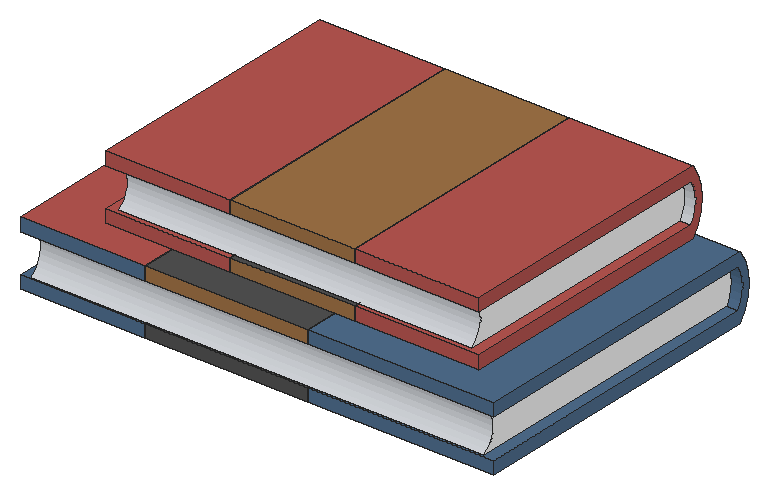
Revit family
Reference planes
  plane 1 "Centro (Frontal/Posterior)": y = 0
  plane 2: z = 0
  plane 3 "Centro (Izquierda/Derecha)": x = 0
Forms (mm)
  Extrusion 1, solid
    sketch origin (482.315, 150.548, 177.313) x (0, 0, 1) y (0, 1, 0)
      loop
        line (-177.195, -267.082) -> (-167.195, -267.082) -> (-167.195, -30.268)
        arc (-167.195, -30.268) -> (-152.195, -26.192) -> (-137.195, -30.268) r 29.638
        line (-137.195, -30.268) -> (-137.195, -267.082) -> (-127.195, -267.082) -> (-127.195, -28.332)
        arc (-127.195, -28.332) -> (-152.195, -20.409) -> (-177.195, -28.332) r 43.402
        line (-177.195, -28.332) -> (-177.195, -267.082)
    from -77.329 to 66.625
  Extrusion 2, solid
    sketch origin (482.315, 150.548, 177.313) x (0, 0, 1) y (0, 1, 0)
      loop
        arc (-167.195, -265.426) -> (-153.107, -256.391) -> (-137.195, -261.578) r 19.535
        line (-137.195, -261.578) -> (-137.195, -30.268)
        arc (-137.195, -30.268) -> (-152.195, -26.192) -> (-167.195, -30.268) r 29.638
        line (-167.195, -30.268) -> (-167.195, -265.426)
    from -68.375 to 281.864
  Extrusion 3, solid
    sketch origin (385.98, 150.548, 177.313) x (0, 0, 1) y (0, 1, 0)
      loop
        line (-177.195, -267.082) -> (-167.195, -267.082) -> (-167.195, -30.268)
        arc (-167.195, -30.268) -> (-152.195, -26.192) -> (-137.195, -30.268) r 29.638
        line (-137.195, -30.268) -> (-137.195, -267.082) -> (-127.195, -267.082) -> (-127.195, -28.332)
        arc (-127.195, -28.332) -> (-152.195, -20.409) -> (-177.195, -28.332) r 43.402
        line (-177.195, -28.332) -> (-177.195, -267.082)
    from -29.711 to 96.335
  Extrusion 4, solid
    sketch origin (289.645, 150.548, 177.313) x (0, 0, 1) y (0, 1, 0)
      loop
        line (-177.195, -267.082) -> (-167.195, -267.082) -> (-167.195, -30.268)
        arc (-167.195, -30.268) -> (-152.195, -26.192) -> (-137.195, -30.268) r 29.638
        line (-137.195, -30.268) -> (-137.195, -267.082) -> (-127.195, -267.082) -> (-127.195, -28.332)
        arc (-127.195, -28.332) -> (-152.195, -20.409) -> (-177.195, -28.332) r 43.402
        line (-177.195, -28.332) -> (-177.195, -267.082)
    from 0 to 96.335
  Extrusion 5, solid
    sketch origin (527.315, 145.548, 227.313) x (0, 0, 1) y (0, 1, 0)
      loop
        line (-177.195, -235.548) -> (-167.195, -235.548) -> (-167.195, -30.268)
        arc (-167.195, -30.268) -> (-152.195, -26.192) -> (-137.195, -30.268) r 29.638
        line (-137.195, -30.268) -> (-137.195, -235.548) -> (-127.195, -235.548) -> (-127.195, -28.332)
        arc (-127.195, -28.332) -> (-152.195, -20.409) -> (-177.195, -28.332) r 43.402
        line (-177.195, -28.332) -> (-177.195, -235.548)
    from 0 to 96.335
  Extrusion 6, solid
    sketch origin (527.315, 145.548, 227.313) x (0, 0, 1) y (0, 1, 0)
      loop
        arc (-167.195, -231.694) -> (-152.778, -223.397) -> (-137.195, -229.214) r 19.535
        line (-137.195, -229.214) -> (-137.195, -30.268)
        arc (-137.195, -30.268) -> (-152.195, -26.192) -> (-167.195, -30.268) r 29.638
        line (-167.195, -30.268) -> (-167.195, -231.694)
    from 8.808 to 281.864
  Extrusion 7, solid
    sketch origin (430.98, 145.548, 227.313) x (0, 0, 1) y (0, 1, 0)
      loop
        line (-177.195, -235.548) -> (-167.195, -235.548) -> (-167.195, -30.268)
        arc (-167.195, -30.268) -> (-152.195, -26.192) -> (-137.195, -30.268) r 29.638
        line (-137.195, -30.268) -> (-137.195, -235.548) -> (-127.195, -235.548) -> (-127.195, -28.332)
        arc (-127.195, -28.332) -> (-152.195, -20.409) -> (-177.195, -28.332) r 43.402
        line (-177.195, -28.332) -> (-177.195, -235.548)
    from 0 to 96.335
  Extrusion 8, solid
    sketch origin (334.645, 145.548, 227.313) x (0, 0, 1) y (0, 1, 0)
      loop
        line (-177.195, -235.548) -> (-167.195, -235.548) -> (-167.195, -30.268)
        arc (-167.195, -30.268) -> (-152.195, -26.192) -> (-137.195, -30.268) r 29.638
        line (-137.195, -30.268) -> (-137.195, -235.548) -> (-127.195, -235.548) -> (-127.195, -28.332)
        arc (-127.195, -28.332) -> (-152.195, -20.409) -> (-177.195, -28.332) r 43.402
        line (-177.195, -28.332) -> (-177.195, -235.548)
    from 0 to 96.335
